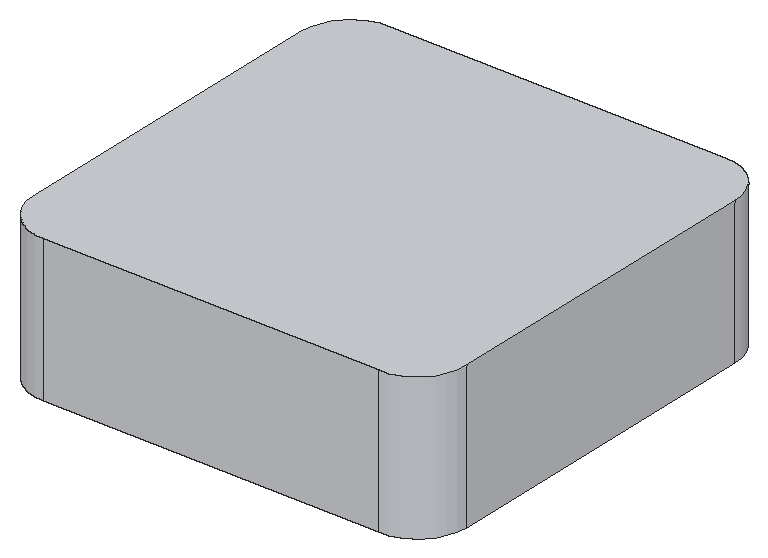
Revit family "Gira_018100", category Electrical Fixtures, host Face, Revit 2017
Family settings
  Host = Face
  Maintain Annotation Orientation = Yes
  Round Connector Dimension = Use Diameter
  Part Type = Normal
  Cut with Voids When Loaded = No
  Shared = No
  Room Calculation Point = No
Parameters
  URL = "http://katalog.gira.de/de_DE/datenblatt.html?artikelnr=018100"
  Region = "DE"
  Name = "Taster-BA 1f 1-Punkt + Status-LED KNX Einsatz"
  Montageart = "unter Putz"
  Manufacturer URL = "https://www.gira.de/"
  Keynote = "Einsatz_1fach"
  HeinzeBIM = "https://bimportal.heinze.de/bim/taster-ba-1f-1-punkt-status-led-knx-einsatz/641997a628ecb02ab11d3fdae85f16ee13822706"
  HAN = "018100"
  GTIN = "4010337181002"
  Default Elevation = 1219.2 mm
  Data sheet (1) = "https://katalog.gira.de/de_DE/download.html?artikelnr=018100"
  Category = "Bussystem-Ankoppler"
  Bussystem Powernet = "No"
  Bussystem LON = "No"
  Bussystem KNX-Funk = "No"
  Bussystem KNX = "Yes"
  Bussystem Funkbus = "No"
  Befestigungsart = "Krallen-/Schraubbefestigung"
  Available = "Yes"
  Andere Bussysteme = "ohne"
Reference planes
  plane 1 "Center (Front/Back)": y = 0
  plane 2: z = 0
  plane 3 "Center (Left/Right)": x = 0
Forms (mm)
  Extrusion 1, solid, detail levels fine
    sketch origin (0, 0, 0) x (1, 0, 0) y (0, 1, 0)
      loop
        line (27.475, 35.475) -> (-27.475, 35.475)
        arc (-27.475, 35.475) -> (-33.132, 33.132) -> (-35.475, 27.475) r 8
        line (-35.475, 27.475) -> (-35.475, -27.475)
        arc (-35.475, -27.475) -> (-33.132, -33.132) -> (-27.475, -35.475) r 8
        line (-27.475, -35.475) -> (27.475, -35.475)
        arc (27.475, -35.475) -> (33.132, -33.132) -> (35.475, -27.475) r 8
        line (35.475, -27.475) -> (35.475, 27.475)
        arc (35.475, 27.475) -> (33.132, 33.132) -> (27.475, 35.475) r 8
    from -22 to 1.8
  Extrusion 2, solid, detail levels fine
    sketch origin (0, 0, 0) x (1, 0, 0) y (0, 1, 0)
      loop
        line (9.678, 25.4) -> (-9.678, 25.4)
        arc (-9.678, 25.4) -> (-12.885, 24.922) -> (-15.814, 23.53) r 11
        arc (-15.814, 23.53) -> (-17.795, 22.07) -> (-19.641, 20.444) r 28.35
        arc (-19.641, 20.444) -> (-21.339, 18.665) -> (-22.876, 16.745) r 28.35
        arc (-22.876, 16.745) -> (-24.456, 13.666) -> (-25, 10.248) r 11
        line (-25, 10.248) -> (-25, -10.248)
        arc (-25, -10.248) -> (-24.456, -13.666) -> (-22.876, -16.745) r 11
        arc (-22.876, -16.745) -> (-20.409, -19.677) -> (-17.569, -22.25) r 28.35
        line (-17.569, -22.25) -> (17.569, -22.25)
        arc (17.569, -22.25) -> (20.409, -19.677) -> (22.876, -16.745) r 28.35
        arc (22.876, -16.745) -> (24.456, -13.666) -> (25, -10.248) r 11
        line (25, -10.248) -> (25, 10.248)
        arc (25, 10.248) -> (24.456, 13.666) -> (22.876, 16.745) r 11
        arc (22.876, 16.745) -> (21.593, 18.37) -> (20.195, 19.897) r 28.35
        arc (20.195, 19.897) -> (18.096, 21.823) -> (15.814, 23.53) r 28.35
        arc (15.814, 23.53) -> (12.885, 24.922) -> (9.678, 25.4) r 11
    from -22 to 0
  Extrusion 3, solid, detail levels medium
    sketch origin (0, 0, 0) x (1, 0, 0) y (0, 1, 0)
      loop
        line (-25, 25.4) -> (-25, -22.25) -> (25, -22.25) -> (25, 25.4) -> (-25, 25.4)
    from -22 to 0
  Extrusion 4, solid, detail levels coarse
    sketch origin (0, 0, 0) x (1, 0, 0) y (0, 1, 0)
      loop
        line (35.475, 35.475) -> (-35.475, 35.475) -> (-35.475, -35.475) -> (35.475, -35.475) -> (35.475, 35.475)
    from -22 to 1.8
  Extrusion 5, solid, detail levels medium
    sketch origin (0, 0, 0) x (1, 0, 0) y (0, 1, 0)
      loop
        line (35.475, 35.475) -> (-35.475, 35.475) -> (-35.475, -35.475) -> (35.475, -35.475) -> (35.475, 35.475)
    from -22 to 1.8
Dimensions and locks
  aligned and locked: plane 2 to host face
  aligned and locked: level to host face
  aligned and locked: plane 3 "Center (Left/Right)" to nested 1
  aligned and locked: plane 1 "Center (Front/Back)" to nested 1
Nested families
  nested 1: "RJ45-Datendose Beschriftung" at (0, 0, 0), type "RJ45-Datendose Beschriftung"
Connectors
  electrical at (0, 0, -22)
    settings: on Extrusion 4, index 1, voltage 220 V, apparent load 0 VA, apparent load phase1 0 VA, apparent load phase2 0 VA, apparent load phase3 0 VA, power factor 1, load classification "Other", number of poles 1, system type 30, power factor state 1, is connector primary yes, connector utility no, sub classification motor no, connector description ""
Definition of nested family "RJ45-Datendose Beschriftung"
  Reference planes
    plane 1: y = 0
    plane 2: x = 0
  Lines and regions (mm)
    Filled region 1, type "Gefüllter Bereich 1"
      outline origin (0, 0, 0) x (1, 0, 0) y (0, 1, 0)
        loop
          circle (0, 2.4) r 0.4
    detail lines
      curve 1: line (0, 0, 0) -> (0, 2, 0)
      curve 2: line (0, 2, 0) -> (1.2, 2, 0)
      curve 3: line (1.2, 2, 0) -> (1.2, 3.6, 0)
      curve 4: circle (0, 2.4, 0) r 0.4 normal (0, 0, 1)
      curve 5: line (0, 2, 0) -> (-1.2, 2, 0)
      curve 6: line (-1.2, 2, 0) -> (-1.2, 3.6, 0)
